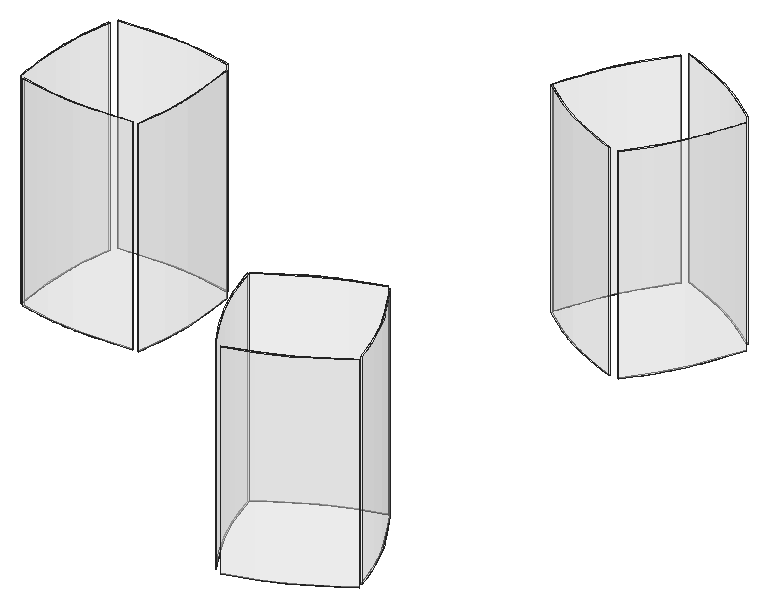
Revit family "SH-1723", category Lighting Fixtures, host Face, Revit 2017
Family settings
  Host = Face
  Round Connector Dimension = Use Diameter
  Part Type = Normal
  Cut with Voids When Loaded = No
  Light Source = No
  Shared = No
  Room Calculation Point = No
Parameters (values of type "SH-1723(Black color-3000K-E27)")
  website = "www.shoaco.com"
  instalation = "Surface mounted"
  consumption current = 0.18 A
  color temperature = "3000K"
  color rendering index(CRI) = ""
  Wattage. = 27 W
  Voltage/Frequency = "230v/50hz"
  URL = "https://www.shoaco.com/fa/product/%DA%86%D8%B1%D8%A7%D8%BA-%D9%87%D8%A7%DB%8C-%D8%AD%DB%8C%D8%A7%D8%B7%DB%8C/1125-%DA%86%D8%B1%D8%A7%D8%BA-%D8%AD%DB%8C%D8%A7%D8%B7%DB%8C-%D9%85%D8%AF%D9%84-SH-1723.html"
  Type medule = ""
  Protection Class = "Class I"
  Number of Lamps = "3"
  Model = "SH-1723"
  Manufacturer = "SHOA"
  Lamp = "E27"
  IP = "IPX3"
  Height = 280.5 cm
  Flicker = ""
  Diffuser Material = "Acrylic"
  Diffuser [instance] = Diffuser
  Default Elevation = 121.92 cm
  Body color = Black Body
  Body Material = "Aluminum"
Reference planes (cm)
  plane 1 "Center (Front/Back)": y = 0
  plane 2: z = 0
  plane 3 "Center (Left/Right)": x = 0
  plane 4: z = 0
  plane 5: z = 280.5
Dimensions and locks (cm)
  "Height": plane 5 to host face
  aligned and locked: plane 2 to host face
  aligned and locked: level to host face
Automatic sketch dimensions
  host sketch curve to host sketch curve = 243.84 cm  (x2)
Nested families (cm)
  nested 1: "01-1723-MODEL" at (0.1121, 0.9763, 0), Body color <- "Body color", Diffuser <- "Diffuser", type "02-1723-MODEL"
    with Diffuser Diffuser, Body color Black Body
  nested 2: "01-1723-LED LAMPE" at (13.3252, -22.5379, 116.4933), type "02-1723-LED LAMPE"
  nested 3: "01-1723-LED LAMPE" at (9.6723, 23.3863, 116.4933), type "02-1723-LED LAMPE"
  nested 4: "01-1723-LED LAMPE" at (-25.4348, 1.0809, 116.4933), type "02-1723-LED LAMPE"
Connectors (cm)
  electrical at (0.1121, 0.9763, 257)
    settings: on nested 1, index 1, voltage 230 V, apparent load 0 VA, apparent load phase1 0 VA, apparent load phase2 0 VA, apparent load phase3 0 VA, power factor 1, load classification "Other", number of poles 1, system type 31, power factor state 1, is connector primary yes, connector utility no, sub classification motor no, connector description ""
Definition of nested family "01-1723-MODEL"
  Parameters (values of type "Family2")
    Diffuser [instance] = none
    Body color [instance] = none
  Reference planes (cm)
    plane 1 "Center (Front/Back)": y = 0
    plane 2: z = 0
    plane 3 "Center (Left/Right)": x = 0
  Forms (cm)
    Extrusion 1, solid, material <- "Diffuser"
      sketch origin (-0.0448, 0, 199.9388) x (1, 0, 0) y (0, 1, 0)
        loop
          line (-30.0396, 6.1202) -> (-30.0256, 6.0067)
          spline (-30.0256, 6.0067) -> (-29.0329, 6.1271) -> (-28.1226, 6.2284) -> (-27.183, 6.3159) -> (-26.2146, 6.387) -> (-25.3114, 6.433) -> (-24.5529, 6.4474) -> (-23.9147, 6.4383) -> (-23.3344, 6.4191) -> (-22.7361, 6.3917) -> (-22.0162, 6.3346) -> (-20.9302, 6.2016) -> (-18.9646, 5.9048)
          line (-18.9646, 5.9048) -> (-18.9646, 6.0565)
          spline (-18.9646, 6.0565) -> (-19.8757, 6.2112) -> (-20.8415, 6.3404) -> (-21.7423, 6.4421) -> (-22.4796, 6.515) -> (-23.0833, 6.5621) -> (-23.6317, 6.5876) -> (-24.2029, 6.5962) -> (-24.8749, 6.5917) -> (-25.7226, 6.5645) -> (-26.818, 6.4922) -> (-28.2331, 6.3518) -> (-30.0396, 6.1202)
      from 36.9072 to 57.5072
    Extrusion 2, solid, material <- "Diffuser"
      sketch origin (-24.4775, -24.8864, 199.9388) x (0, -1, 0) y (1, 0, 0)
        loop
          line (-30.0396, 6.1202) -> (-30.0256, 6.0067)
          spline (-30.0256, 6.0067) -> (-29.0329, 6.1271) -> (-28.1226, 6.2284) -> (-27.183, 6.3159) -> (-26.2146, 6.387) -> (-25.3114, 6.433) -> (-24.5529, 6.4474) -> (-23.9147, 6.4383) -> (-23.3344, 6.4191) -> (-22.7361, 6.3917) -> (-22.0162, 6.3346) -> (-20.9302, 6.2016) -> (-18.9646, 5.9048)
          line (-18.9646, 5.9048) -> (-18.9646, 6.0565)
          spline (-18.9646, 6.0565) -> (-19.8757, 6.2112) -> (-20.8415, 6.3404) -> (-21.7423, 6.4421) -> (-22.4796, 6.515) -> (-23.0833, 6.5621) -> (-23.6317, 6.5876) -> (-24.2029, 6.5962) -> (-24.8749, 6.5917) -> (-25.7226, 6.5645) -> (-26.818, 6.4922) -> (-28.2331, 6.3518) -> (-30.0396, 6.1202)
      from 36.9072 to 57.5072
    Extrusion 3, solid, material <- "Diffuser"
      sketch origin (-24.4423, 24.3355, 199.9388) x (0, 1, 0) y (-1, 0, 0)
        loop
          line (-30.0396, 6.1202) -> (-30.0256, 6.0067)
          spline (-30.0256, 6.0067) -> (-29.0329, 6.1271) -> (-28.1226, 6.2284) -> (-27.183, 6.3159) -> (-26.2146, 6.387) -> (-25.3114, 6.433) -> (-24.5529, 6.4474) -> (-23.9147, 6.4383) -> (-23.3344, 6.4191) -> (-22.7361, 6.3917) -> (-22.0162, 6.3346) -> (-20.9302, 6.2016) -> (-18.9646, 5.9048)
          line (-18.9646, 5.9048) -> (-18.9646, 6.0565)
          spline (-18.9646, 6.0565) -> (-19.8757, 6.2112) -> (-20.8415, 6.3404) -> (-21.7423, 6.4421) -> (-22.4796, 6.515) -> (-23.0833, 6.5621) -> (-23.6317, 6.5876) -> (-24.2029, 6.5962) -> (-24.8749, 6.5917) -> (-25.7226, 6.5645) -> (-26.818, 6.4922) -> (-28.2331, 6.3518) -> (-30.0396, 6.1202)
      from 36.9072 to 57.5072
    Extrusion 4, solid, material <- "Diffuser"
      sketch origin (-49.0658, 0.1316, 199.9388) x (-1, 0, 0) y (0, -1, 0)
        loop
          line (-30.0396, 6.1202) -> (-30.0256, 6.0067)
          spline (-30.0256, 6.0067) -> (-29.0329, 6.1271) -> (-28.1226, 6.2284) -> (-27.183, 6.3159) -> (-26.2146, 6.387) -> (-25.3114, 6.433) -> (-24.5529, 6.4474) -> (-23.9147, 6.4383) -> (-23.3344, 6.4191) -> (-22.7361, 6.3917) -> (-22.0162, 6.3346) -> (-20.9302, 6.2016) -> (-18.9646, 5.9048)
          line (-18.9646, 5.9048) -> (-18.9646, 6.0565)
          spline (-18.9646, 6.0565) -> (-19.8757, 6.2112) -> (-20.8415, 6.3404) -> (-21.7423, 6.4421) -> (-22.4796, 6.515) -> (-23.0833, 6.5621) -> (-23.6317, 6.5876) -> (-24.2029, 6.5962) -> (-24.8749, 6.5917) -> (-25.7226, 6.5645) -> (-26.818, 6.4922) -> (-28.2331, 6.3518) -> (-30.0396, 6.1202)
      from 36.9072 to 57.5072
    Extrusion 5, solid, material <- "Diffuser"
      sketch origin (32.4843, 11.0583, 199.9388) x (0.894133, -0.447802, 0) y (0.447802, 0.894133, 0)
        loop
          line (-30.0396, 6.1202) -> (-30.0256, 6.0067)
          spline (-30.0256, 6.0067) -> (-29.0329, 6.1271) -> (-28.1226, 6.2284) -> (-27.183, 6.3159) -> (-26.2146, 6.387) -> (-25.3114, 6.433) -> (-24.5529, 6.4474) -> (-23.9147, 6.4383) -> (-23.3344, 6.4191) -> (-22.7361, 6.3917) -> (-22.0162, 6.3346) -> (-20.9302, 6.2016) -> (-18.9646, 5.9048)
          line (-18.9646, 5.9048) -> (-18.9646, 6.0565)
          spline (-18.9646, 6.0565) -> (-19.8757, 6.2112) -> (-20.8415, 6.3404) -> (-21.7423, 6.4421) -> (-22.4796, 6.515) -> (-23.0833, 6.5621) -> (-23.6317, 6.5876) -> (-24.2029, 6.5962) -> (-24.8749, 6.5917) -> (-25.7226, 6.5645) -> (-26.818, 6.4922) -> (-28.2331, 6.3518) -> (-30.0396, 6.1202)
      from 36.9072 to 57.5072
    Extrusion 6, solid, material <- "Diffuser"
      sketch origin (-0.0953, -0.0349, 199.9388) x (-0.447802, -0.894133, 0) y (0.894133, -0.447802, 0)
        loop
          line (-30.0396, 6.1202) -> (-30.0256, 6.0067)
          spline (-30.0256, 6.0067) -> (-29.0329, 6.1271) -> (-28.1226, 6.2284) -> (-27.183, 6.3159) -> (-26.2146, 6.387) -> (-25.3114, 6.433) -> (-24.5529, 6.4474) -> (-23.9147, 6.4383) -> (-23.3344, 6.4191) -> (-22.7361, 6.3917) -> (-22.0162, 6.3346) -> (-20.9302, 6.2016) -> (-18.9646, 5.9048)
          line (-18.9646, 5.9048) -> (-18.9646, 6.0565)
          spline (-18.9646, 6.0565) -> (-19.8757, 6.2112) -> (-20.8415, 6.3404) -> (-21.7423, 6.4421) -> (-22.4796, 6.515) -> (-23.0833, 6.5621) -> (-23.6317, 6.5876) -> (-24.2029, 6.5962) -> (-24.8749, 6.5917) -> (-25.7226, 6.5645) -> (-26.818, 6.4922) -> (-28.2331, 6.3518) -> (-30.0396, 6.1202)
      from 36.9072 to 57.5072
    Extrusion 7, solid, material <- "Diffuser"
      sketch origin (21.8318, 43.646, 199.9388) x (0.447802, 0.894133, 0) y (-0.894133, 0.447802, 0)
        loop
          line (-30.0396, 6.1202) -> (-30.0256, 6.0067)
          spline (-30.0256, 6.0067) -> (-29.0329, 6.1271) -> (-28.1226, 6.2284) -> (-27.183, 6.3159) -> (-26.2146, 6.387) -> (-25.3114, 6.433) -> (-24.5529, 6.4474) -> (-23.9147, 6.4383) -> (-23.3344, 6.4191) -> (-22.7361, 6.3917) -> (-22.0162, 6.3346) -> (-20.9302, 6.2016) -> (-18.9646, 5.9048)
          line (-18.9646, 5.9048) -> (-18.9646, 6.0565)
          spline (-18.9646, 6.0565) -> (-19.8757, 6.2112) -> (-20.8415, 6.3404) -> (-21.7423, 6.4421) -> (-22.4796, 6.515) -> (-23.0833, 6.5621) -> (-23.6317, 6.5876) -> (-24.2029, 6.5962) -> (-24.8749, 6.5917) -> (-25.7226, 6.5645) -> (-26.818, 6.4922) -> (-28.2331, 6.3518) -> (-30.0396, 6.1202)
      from 36.9072 to 57.5072
    Extrusion 8, solid, material <- "Diffuser"
      sketch origin (-11.288, 33.1278, 199.9388) x (-0.894133, 0.447802, 0) y (-0.447802, -0.894133, 0)
        loop
          line (-30.0396, 6.1202) -> (-30.0256, 6.0067)
          spline (-30.0256, 6.0067) -> (-29.0329, 6.1271) -> (-28.1226, 6.2284) -> (-27.183, 6.3159) -> (-26.2146, 6.387) -> (-25.3114, 6.433) -> (-24.5529, 6.4474) -> (-23.9147, 6.4383) -> (-23.3344, 6.4191) -> (-22.7361, 6.3917) -> (-22.0162, 6.3346) -> (-20.9302, 6.2016) -> (-18.9646, 5.9048)
          line (-18.9646, 5.9048) -> (-18.9646, 6.0565)
          spline (-18.9646, 6.0565) -> (-19.8757, 6.2112) -> (-20.8415, 6.3404) -> (-21.7423, 6.4421) -> (-22.4796, 6.515) -> (-23.0833, 6.5621) -> (-23.6317, 6.5876) -> (-24.2029, 6.5962) -> (-24.8749, 6.5917) -> (-25.7226, 6.5645) -> (-26.818, 6.4922) -> (-28.2331, 6.3518) -> (-30.0396, 6.1202)
      from 36.9072 to 57.5072
    Extrusion 9, solid, material <- "Diffuser"
      sketch origin (0.3393, 0.3964, 199.9388) x (-0.4378, 0.899073, 0) y (-0.899073, -0.4378, 0)
        loop
          line (-30.1325, 6.1207) -> (-30.1186, 6.0075)
          spline (-30.1186, 6.0075) -> (-29.1162, 6.1291) -> (-28.197, 6.2315) -> (-27.2482, 6.3198) -> (-26.2703, 6.3916) -> (-25.3583, 6.4381) -> (-24.5923, 6.4526) -> (-23.9479, 6.4433) -> (-23.3619, 6.424) -> (-22.7577, 6.3964) -> (-22.0308, 6.3386) -> (-20.9342, 6.2044) -> (-18.9494, 5.9047)
          line (-18.9494, 5.9047) -> (-18.9494, 6.0564)
          spline (-18.9494, 6.0564) -> (-19.8694, 6.2127) -> (-20.8446, 6.3431) -> (-21.7542, 6.4458) -> (-22.4987, 6.5194) -> (-23.1083, 6.5669) -> (-23.6621, 6.5927) -> (-24.2388, 6.6014) -> (-24.9173, 6.5969) -> (-25.7733, 6.5694) -> (-26.8795, 6.4964) -> (-28.3084, 6.3546) -> (-30.1325, 6.1207)
      from 36.9072 to 57.5072
    Extrusion 10, solid, material <- "Diffuser"
      sketch origin (-10.7316, -33.2032, 199.9388) x (-0.886057, -0.463576, 0) y (0.463576, -0.886057, 0)
        loop
          line (-30.1325, 6.1207) -> (-30.1186, 6.0075)
          spline (-30.1186, 6.0075) -> (-29.1162, 6.1291) -> (-28.197, 6.2315) -> (-27.2482, 6.3198) -> (-26.2703, 6.3916) -> (-25.3583, 6.4381) -> (-24.5923, 6.4526) -> (-23.9479, 6.4433) -> (-23.3619, 6.424) -> (-22.7577, 6.3964) -> (-22.0308, 6.3386) -> (-20.9342, 6.2044) -> (-18.9494, 5.9047)
          line (-18.9494, 5.9047) -> (-18.9494, 6.0564)
          spline (-18.9494, 6.0564) -> (-19.8694, 6.2127) -> (-20.8446, 6.3431) -> (-21.7542, 6.4458) -> (-22.4987, 6.5194) -> (-23.1083, 6.5669) -> (-23.6621, 6.5927) -> (-24.2388, 6.6014) -> (-24.9173, 6.5969) -> (-25.7733, 6.5694) -> (-26.8795, 6.4964) -> (-28.3084, 6.3546) -> (-30.1325, 6.1207)
      from 36.9072 to 57.5072
    Extrusion 11, solid, material <- "Diffuser"
      sketch origin (22.057, -43.6781, 199.9388) x (0.463576, -0.886057, 0) y (0.886057, 0.463576, 0)
        loop
          line (-30.1325, 6.1207) -> (-30.1186, 6.0075)
          spline (-30.1186, 6.0075) -> (-29.1162, 6.1291) -> (-28.197, 6.2315) -> (-27.2482, 6.3198) -> (-26.2703, 6.3916) -> (-25.3583, 6.4381) -> (-24.5923, 6.4526) -> (-23.9479, 6.4433) -> (-23.3619, 6.424) -> (-22.7577, 6.3964) -> (-22.0308, 6.3386) -> (-20.9342, 6.2044) -> (-18.9494, 5.9047)
          line (-18.9494, 5.9047) -> (-18.9494, 6.0564)
          spline (-18.9494, 6.0564) -> (-19.8694, 6.2127) -> (-20.8446, 6.3431) -> (-21.7542, 6.4458) -> (-22.4987, 6.5194) -> (-23.1083, 6.5669) -> (-23.6621, 6.5927) -> (-24.2388, 6.6014) -> (-24.9173, 6.5969) -> (-25.7733, 6.5694) -> (-26.8795, 6.4964) -> (-28.3084, 6.3546) -> (-30.1325, 6.1207)
      from 36.9072 to 57.5072
    Extrusion 12, solid, material <- "Diffuser"
      sketch origin (32.7964, -10.5403, 199.9388) x (0.886057, 0.463576, 0) y (-0.463576, 0.886057, 0)
        loop
          line (-30.1325, 6.1207) -> (-30.1186, 6.0075)
          spline (-30.1186, 6.0075) -> (-29.1162, 6.1291) -> (-28.197, 6.2315) -> (-27.2482, 6.3198) -> (-26.2703, 6.3916) -> (-25.3583, 6.4381) -> (-24.5923, 6.4526) -> (-23.9479, 6.4433) -> (-23.3619, 6.424) -> (-22.7577, 6.3964) -> (-22.0308, 6.3386) -> (-20.9342, 6.2044) -> (-18.9494, 5.9047)
          line (-18.9494, 5.9047) -> (-18.9494, 6.0564)
          spline (-18.9494, 6.0564) -> (-19.8694, 6.2127) -> (-20.8446, 6.3431) -> (-21.7542, 6.4458) -> (-22.4987, 6.5194) -> (-23.1083, 6.5669) -> (-23.6621, 6.5927) -> (-24.2388, 6.6014) -> (-24.9173, 6.5969) -> (-25.7733, 6.5694) -> (-26.8795, 6.4964) -> (-28.3084, 6.3546) -> (-30.1325, 6.1207)
      from 36.9072 to 57.5072
  Cuts and joins
    joined: Extrusion 1, Extrusion 2, Extrusion 3, Extrusion 4, Extrusion 5, Extrusion 6, Extrusion 7, Extrusion 8, Extrusion 9, Extrusion 10, Extrusion 11, Extrusion 12
  Dimensions and locks (cm)
    aligned and locked: plane 2 to level
Definition of nested family "01-1723-LED LAMPE"
  Parameters (values of type "E27")
    Wattage = 9 W
    built-in parameter 1150110 = 1 (stored number, unit not read)
    built-in parameter 1114217 = 1 (stored number, unit not read)
    Tilt Angle = 90.00°
    built-in parameter 1150109 = 1 (stored number, unit not read)
    built-in parameter 1150134 = (empty or 0)
    built-in parameter 1150113 = 1 (stored number, unit not read)
    Photometric Web File = "4376_V-TAC7WLEDBulbE27A60Thermoplastic3000K_1-5117.ies"
    Lumens = 630 lm
    built-in parameter 1150115 = 1 (stored number, unit not read)
    built-in parameter 1150105 = 50.134 (stored number, unit not read)
    built-in parameter 1150137 = (empty or 0)
    built-in parameter 1150139 = (empty or 0)
    built-in parameter 1150112 = 1 (stored number, unit not read)
    built-in parameter 1150114 = 1 (stored number, unit not read)
    built-in parameter 1150132 = (empty or 0)
    built-in parameter 1150102 = (empty or 0)
    built-in parameter 1150138 = (empty or 0)
    built-in parameter 1150107 = 3000 (stored number, unit not read)
    built-in parameter 1150106 = 0.50134 (stored number, unit not read)
    Emit from Circle Diameter = 60.96 cm
    Emit Shape Visible in Rendering = no
    built-in parameter 1150104 = 6.5032 (stored number, unit not read)
    Dimming Lamp Color Temperature Shift = (empty or 0)
    Color Filter = 16777215
    built-in parameter 1114218 = 1 (stored number, unit not read)
    built-in parameter 1150133 = 10 (stored number, unit not read)
  Reference planes (cm)
    plane 1 "Light Source Axis (F/B)": y = 0
    plane 2: z = 0
    plane 3 "Light Source Axis (L/R)": x = 0
    plane 4 "Light Source Elevation": z = 137.16
  Dimensions and locks (cm)
    aligned and locked: plane 3 "Light Source Axis (L/R)" to imposter light
    aligned and locked: plane 1 "Light Source Axis (F/B)" to imposter light
    aligned and locked: plane 4 "Light Source Elevation" to imposter light
    aligned and locked: level to plane 2
